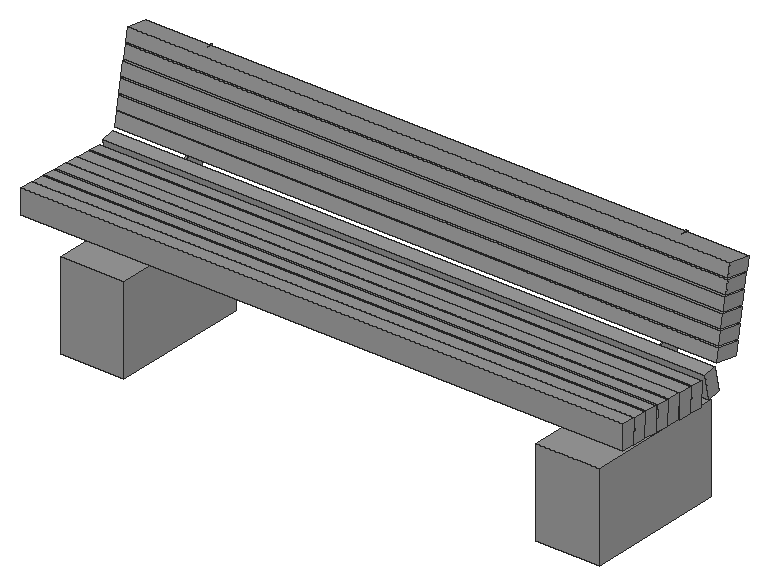
Revit family "Скамейка бетонная «Серпухов» Арт 15082", category Антураж, Revit 2018
Family settings
  На основе рабочей плоскости = Нет
  Всегда вертикально = Да
  При загрузке вырезать с полостями = Нет
  Источник визуального образа = Геометрия семейства
  Общий = Нет
  Точка расчета площади = Нет
Parameters (values of type "Скамейка бетонная «Серпухов»")
  Ширина = 500 mm  # constant formula
  Цвет основания = Архитектурный бетон
  Цвет опор = Сталь
  Цвет лавки = Дерево
  Описание = "Скамейка бетонная «Серпухов»"  # constant formula
  Материал изделия = "Сталь, дерево, архитектурный бетон"  # constant formula
  Изображение типоразмера = Скамейка бетонная «Серпухов» Арт 15082.jpg
  Изготовитель = "ООО «Хоббика»"  # constant formula
  Длина = 1900 mm  # constant formula
  Группа модели = "Скамейки"  # constant formula
  Высота = 720 mm  # constant formula
  Артикул товара = "Арт. 15082"  # constant formula
  URL = "https://hobbyka.ru/product/skameyka_serpukhov_betonnaya/"
Reference planes
  plane 1 "По центру (Вперед/Назад)": y = 0
  plane 2: z = 0
  plane 3 "По центру (Влево/Вправо)": x = 0
  plane 4: x = 1900
  plane 5: y = 500
  plane 6: z = 720
Forms (mm)
  Extrusion 1, solid, material "Архитектурный бетон" <- "Цвет основания"
    sketch origin (0, 0, 0) x (1, 0, 0) y (0, 1, 0)
      loop
        line (100, 30) -> (300, 30) -> (300, 470) -> (100, 470) -> (100, 30)
      loop
        line (1600, 30) -> (1800, 30) -> (1800, 470) -> (1600, 470) -> (1600, 30)
    from 0 to 274.182
  Extrusion 2, solid, material "Сталь" <- "Цвет опор"
    sketch origin (0, 0, 0) x (0, 1, 0) y (0, 0, 1)
      loop
        arc (407.623, 444.524) -> (381.056, 404.861) -> (335.798, 389.67) r 74.009
        line (335.798, 389.67) -> (15.993, 400.838) -> (15.993, 360.838) -> (149.466, 304.182) -> (149.466, 274.182) -> (349.466, 274.182) -> (349.466, 305.496)
        arc (349.466, 305.496) -> (403.567, 304.08) -> (442.824, 341.333) r 70.711
        arc (442.824, 341.333) -> (485.548, 472.824) -> (500, 610.324) r 661.338
        line (500, 610.324) -> (500, 705.324) -> (477.504, 705.324) -> (407.623, 444.524)
    from 197.5 to 202.5
  Extrusion 3, solid, material "Сталь" <- "Цвет опор"
    sketch origin (0, 0, 0) x (0, 1, 0) y (0, 0, 1)
      loop
        arc (407.623, 444.524) -> (381.056, 404.861) -> (335.798, 389.67) r 74.009
        line (335.798, 389.67) -> (15.993, 400.838) -> (15.993, 360.838) -> (149.466, 304.182) -> (149.466, 274.182) -> (349.466, 274.182) -> (349.466, 305.496)
        arc (349.466, 305.496) -> (403.567, 304.08) -> (442.824, 341.333) r 70.711
        arc (442.824, 341.333) -> (485.548, 472.824) -> (500, 610.324) r 661.338
        line (500, 610.324) -> (500, 705.324) -> (477.504, 705.324) -> (407.623, 444.524)
    from 1697.5 to 1702.5
  Extrusion 4, solid, material "Дерево" <- "Цвет лавки"
    sketch origin (0, 0, 0) x (0, 1, 0) y (0, 0, 1)
      loop
        line (419.466, 720) -> (411.834, 680.735) -> (485.456, 666.424) -> (493.088, 705.689) -> (419.466, 720)
      loop
        line (410.88, 675.827) -> (403.247, 636.562) -> (476.87, 622.251) -> (484.502, 661.516) -> (410.88, 675.827)
      loop
        line (402.293, 631.654) -> (394.661, 592.388) -> (468.283, 578.078) -> (475.915, 617.343) -> (402.293, 631.654)
      loop
        line (393.707, 587.48) -> (386.075, 548.215) -> (459.697, 533.905) -> (467.329, 573.17) -> (393.707, 587.48)
      loop
        line (385.121, 543.307) -> (377.488, 504.042) -> (451.11, 489.731) -> (458.743, 528.996) -> (385.121, 543.307)
      loop
        line (376.534, 499.134) -> (368.902, 459.869) -> (442.524, 445.558) -> (450.156, 484.823) -> (376.534, 499.134)
      loop
        line (39.959, 446.978) -> (0, 448.799) -> (-3.413, 373.876) -> (36.546, 372.056) -> (39.959, 446.978)
      loop
        line (84.912, 444.931) -> (44.953, 446.751) -> (41.541, 371.829) -> (81.499, 370.008) -> (84.912, 444.931)
      loop
        line (129.865, 442.883) -> (89.907, 444.703) -> (86.494, 369.781) -> (126.453, 367.961) -> (129.865, 442.883)
      loop
        line (174.819, 440.835) -> (134.86, 442.656) -> (131.447, 367.733) -> (171.406, 365.913) -> (174.819, 440.835)
      loop
        line (219.745, 438.789) -> (179.786, 440.609) -> (176.373, 365.687) -> (216.332, 363.867) -> (219.745, 438.789)
      loop
        line (264.698, 436.741) -> (224.74, 438.561) -> (221.327, 363.639) -> (261.285, 361.819) -> (264.698, 436.741)
      loop
        line (309.651, 434.694) -> (269.693, 436.514) -> (266.28, 361.591) -> (306.239, 359.771) -> (309.651, 434.694)
      loop
        line (360.141, 450.666) -> (321.087, 442.017) -> (337.304, 368.791) -> (376.358, 377.44) -> (360.141, 450.666)
    from 0 to 1898.983
Dimensions and locks
  "Длина": plane 3 "По центру (Влево/Вправо)" to plane 4
  "Ширина": plane 5 to plane 1 "По центру (Вперед/Назад)"
  "Высота": plane 6 to plane 2
  aligned and locked: level to plane 2
Automatic sketch dimensions
  Extrusion 1 sketch curve to plane 5 = 30 mm  (x2)
  plane 3 "По центру (Влево/Вправо)" to Extrusion 1 sketch curve = 100 mm
  Extrusion 1 sketch curve to Extrusion 1 sketch curve = 200 mm
  Extrusion 1 sketch curve to plane 1 "По центру (Вперед/Назад)" = 30 mm  (x2)
  Extrusion 1 sketch curve to plane 4 = 300 mm
  Extrusion 1 sketch curve to plane 4 = 100 mm
  Extrusion 2 sketch curve to plane 5 = 0 mm
  Extrusion 2 sketch curve to plane 5 = 22.496 mm
  Extrusion 2 sketch curve to plane 5 = 92.377 mm
  Extrusion 2 sketch curve to Extrusion 2 sketch curve = 29.396 mm
  Extrusion 2 sketch curve to Extrusion 2 sketch curve = 28.761 mm
  Extrusion 2 sketch curve to Extrusion 2 sketch curve = 71.487 mm
  Extrusion 2 sketch curve to Extrusion 2 sketch curve = 42.429 mm
  Extrusion 2 sketch curve to plane 1 "По центру (Вперед/Назад)" = 149.466 mm
  Extrusion 2 sketch curve to plane 1 "По центру (Вперед/Назад)" = 15.993 mm
  Extrusion 2 sketch curve to plane 6 = 109.676 mm
  plane 1 "По центру (Вперед/Назад)" to Extrusion 2 sketch curve = 161.338 mm
  Extrusion 2 sketch curve to Extrusion 2 sketch curve = 146.645 mm
  Extrusion 2 sketch curve to Extrusion 2 sketch curve = 19.155 mm
  Extrusion 2 sketch curve to Extrusion 2 sketch curve = 209.486 mm
  Extrusion 2 sketch curve to Extrusion 2 sketch curve = 19.576 mm
  Extrusion 2 sketch curve to Extrusion 2 sketch curve = 40 mm
  Extrusion 2 sketch curve to Extrusion 2 sketch curve = 64.597 mm
  Extrusion 2 sketch curve to Extrusion 2 sketch curve = 56.656 mm
  Extrusion 2 sketch curve to Extrusion 2 sketch curve = 31.314 mm
  Extrusion 2 sketch curve to plane 6 = 14.676 mm
  Extrusion 3 sketch curve to plane 5 = 0 mm
  Extrusion 3 sketch curve to plane 5 = 22.496 mm
  Extrusion 3 sketch curve to plane 5 = 92.377 mm
  Extrusion 3 sketch curve to Extrusion 3 sketch curve = 29.396 mm
  Extrusion 3 sketch curve to Extrusion 3 sketch curve = 28.761 mm
  Extrusion 3 sketch curve to Extrusion 3 sketch curve = 71.487 mm
  Extrusion 3 sketch curve to Extrusion 3 sketch curve = 42.429 mm
  Extrusion 3 sketch curve to plane 1 "По центру (Вперед/Назад)" = 149.466 mm
  Extrusion 3 sketch curve to plane 1 "По центру (Вперед/Назад)" = 15.993 mm
  Extrusion 3 sketch curve to plane 6 = 109.676 mm
  plane 1 "По центру (Вперед/Назад)" to Extrusion 3 sketch curve = 161.338 mm
  Extrusion 3 sketch curve to Extrusion 3 sketch curve = 146.645 mm
  Extrusion 3 sketch curve to Extrusion 3 sketch curve = 19.155 mm
  Extrusion 3 sketch curve to Extrusion 3 sketch curve = 209.486 mm
  Extrusion 3 sketch curve to Extrusion 3 sketch curve = 19.576 mm
  Extrusion 3 sketch curve to Extrusion 3 sketch curve = 40 mm
  Extrusion 3 sketch curve to Extrusion 3 sketch curve = 64.597 mm
  Extrusion 3 sketch curve to Extrusion 3 sketch curve = 56.656 mm
  Extrusion 3 sketch curve to Extrusion 3 sketch curve = 31.314 mm
  Extrusion 3 sketch curve to plane 6 = 14.676 mm
  Extrusion 4 sketch curve to plane 1 "По центру (Вперед/Назад)" = 0 mm
  Extrusion 4 sketch curve to plane 6 = 0 mm
  plane 1 "По центру (Вперед/Назад)" to Extrusion 4 sketch curve = 3.413 mm
  Extrusion 4 sketch curve to plane 1 "По центру (Вперед/Назад)" = 36.546 mm
  Extrusion 4 sketch curve to Extrusion 4 sketch curve = 4.995 mm  (x10)
  Extrusion 4 sketch curve to Extrusion 4 sketch curve = 39.959 mm  (x6)
  Extrusion 4 sketch curve to Extrusion 4 sketch curve = 4.967 mm  (x2)
  Extrusion 4 sketch curve to Extrusion 4 sketch curve = 11.436 mm
  Extrusion 4 sketch curve to Extrusion 4 sketch curve = 31.066 mm
  Extrusion 4 sketch curve to Extrusion 4 sketch curve = 39.054 mm
  Extrusion 4 sketch curve to Extrusion 4 sketch curve = 8.761 mm
  Extrusion 4 sketch curve to Extrusion 4 sketch curve = 7.632 mm  (x6)
  Extrusion 4 sketch curve to Extrusion 4 sketch curve = 0.954 mm  (x10)
  Extrusion 4 sketch curve to plane 6 = 44.173 mm
  Extrusion 4 sketch curve to plane 6 = 39.265 mm
  Extrusion 4 sketch curve to plane 5 = 57.476 mm
  Extrusion 4 sketch curve to Extrusion 4 sketch curve = 4.908 mm  (x9)
  Extrusion 4 sketch curve to Extrusion 4 sketch curve = 9.203 mm
  Extrusion 4 sketch curve to plane 6 = 271.201 mm
  Extrusion 4 sketch curve to Extrusion 4 sketch curve = 1.82 mm  (x5)
  Extrusion 4 sketch curve to Extrusion 4 sketch curve = 0.228 mm  (x7)
  Extrusion 4 sketch curve to Extrusion 4 sketch curve = 7.323 mm
  Extrusion 4 sketch curve to Extrusion 4 sketch curve = 0.226 mm
